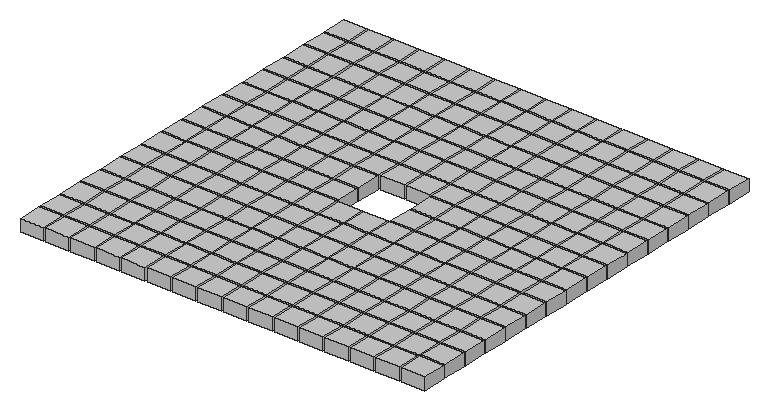
Revit family "Alcorque Ecológico", category Furniture, Revit 2020 (continued)
Automatic sketch dimensions
  Extrusion 741 sketch curve to plane 8865 = 0.120 m
  Extrusion 741 sketch curve to plane 8865 = 0.005 m
  Extrusion 741 sketch curve to Extrusion 741 sketch curve = 0.115 m
  plane 8883 to Extrusion 742 sketch curve = 0.005 m
  Extrusion 742 sketch curve to plane 8877 = 0.120 m
  Extrusion 742 sketch curve to plane 8877 = 0.005 m
  plane 8895 to Extrusion 743 sketch curve = 0.005 m
  Extrusion 743 sketch curve to plane 8889 = 0.120 m
  Extrusion 743 sketch curve to plane 8889 = 0.005 m
  plane 8907 to Extrusion 744 sketch curve = 0.005 m
  Extrusion 744 sketch curve to plane 8901 = 0.120 m
  Extrusion 744 sketch curve to plane 8901 = 0.005 m
  plane 8919 to Extrusion 745 sketch curve = 0.005 m
  Extrusion 745 sketch curve to plane 8913 = 0.120 m
  Extrusion 745 sketch curve to plane 8913 = 0.005 m
  plane 8931 to Extrusion 746 sketch curve = 0.005 m
  Extrusion 746 sketch curve to plane 8925 = 0.120 m
  Extrusion 746 sketch curve to plane 8925 = 0.005 m
  plane 8943 to Extrusion 747 sketch curve = 0.005 m
  Extrusion 747 sketch curve to plane 8937 = 0.120 m
  Extrusion 747 sketch curve to plane 8937 = 0.005 m
  plane 8955 to Extrusion 748 sketch curve = 0.005 m
  Extrusion 748 sketch curve to plane 8949 = 0.120 m
  Extrusion 748 sketch curve to plane 8949 = 0.005 m
  Extrusion 748 sketch curve to Extrusion 748 sketch curve = 0.115 m
  plane 8967 to Extrusion 749 sketch curve = 0.005 m
  Extrusion 749 sketch curve to plane 8961 = 0.120 m
  Extrusion 749 sketch curve to plane 8961 = 0.005 m
  Extrusion 749 sketch curve to Extrusion 749 sketch curve = 0.115 m
  plane 8979 to Extrusion 750 sketch curve = 0.005 m
  Extrusion 750 sketch curve to plane 8973 = 0.120 m
  Extrusion 750 sketch curve to plane 8973 = 0.005 m
  Extrusion 750 sketch curve to Extrusion 750 sketch curve = 0.115 m
  plane 8991 to Extrusion 751 sketch curve = 0.005 m
  Extrusion 751 sketch curve to plane 8985 = 0.120 m
  Extrusion 751 sketch curve to plane 8985 = 0.005 m
  Extrusion 751 sketch curve to Extrusion 751 sketch curve = 0.115 m
  plane 9003 to Extrusion 752 sketch curve = 0.005 m
  Extrusion 752 sketch curve to plane 8997 = 0.120 m
  Extrusion 752 sketch curve to plane 8997 = 0.005 m
  Extrusion 752 sketch curve to Extrusion 752 sketch curve = 0.115 m
  plane 9015 to Extrusion 753 sketch curve = 0.005 m
  Extrusion 753 sketch curve to plane 9009 = 0.120 m
  Extrusion 753 sketch curve to plane 9009 = 0.005 m
  Extrusion 753 sketch curve to Extrusion 753 sketch curve = 0.115 m
  plane 9027 to Extrusion 754 sketch curve = 0.005 m
  Extrusion 754 sketch curve to plane 9021 = 0.120 m
  Extrusion 754 sketch curve to plane 9021 = 0.005 m
  Extrusion 754 sketch curve to Extrusion 754 sketch curve = 0.115 m
  plane 9039 to Extrusion 755 sketch curve = 0.005 m
  Extrusion 755 sketch curve to plane 9033 = 0.120 m
  Extrusion 755 sketch curve to plane 9033 = 0.005 m
  Extrusion 755 sketch curve to Extrusion 755 sketch curve = 0.115 m
  plane 9051 to Extrusion 756 sketch curve = 0.005 m
  Extrusion 756 sketch curve to plane 9045 = 0.120 m
  Extrusion 756 sketch curve to plane 9045 = 0.005 m
  Extrusion 756 sketch curve to Extrusion 756 sketch curve = 0.115 m
  plane 9063 to Extrusion 757 sketch curve = 0.005 m
  Extrusion 757 sketch curve to plane 9057 = 0.120 m
  Extrusion 757 sketch curve to plane 9057 = 0.005 m
  Extrusion 757 sketch curve to Extrusion 757 sketch curve = 0.115 m
  plane 9075 to Extrusion 758 sketch curve = 0.005 m
  Extrusion 758 sketch curve to plane 9069 = 0.120 m
  Extrusion 758 sketch curve to plane 9069 = 0.005 m
  Extrusion 758 sketch curve to Extrusion 758 sketch curve = 0.115 m
  plane 9087 to Extrusion 759 sketch curve = 0.005 m
  Extrusion 759 sketch curve to plane 9081 = 0.120 m
  Extrusion 759 sketch curve to plane 9081 = 0.005 m
  Extrusion 759 sketch curve to Extrusion 759 sketch curve = 0.115 m
  plane 9099 to Extrusion 760 sketch curve = 0.005 m
  Extrusion 760 sketch curve to plane 9093 = 0.120 m
  Extrusion 760 sketch curve to plane 9093 = 0.005 m
  Extrusion 760 sketch curve to Extrusion 760 sketch curve = 0.115 m
  plane 9111 to Extrusion 761 sketch curve = 0.005 m
  Extrusion 761 sketch curve to plane 9105 = 0.120 m
  Extrusion 761 sketch curve to plane 9105 = 0.005 m
  Extrusion 761 sketch curve to Extrusion 761 sketch curve = 0.115 m
  plane 9123 to Extrusion 762 sketch curve = 0.005 m
  Extrusion 762 sketch curve to plane 9117 = 0.120 m
  Extrusion 762 sketch curve to plane 9117 = 0.005 m
  Extrusion 762 sketch curve to Extrusion 762 sketch curve = 0.115 m
  plane 9135 to Extrusion 763 sketch curve = 0.005 m
  Extrusion 763 sketch curve to plane 9129 = 0.120 m
  Extrusion 763 sketch curve to plane 9129 = 0.005 m
  Extrusion 763 sketch curve to Extrusion 763 sketch curve = 0.115 m
  plane 9147 to Extrusion 764 sketch curve = 0.005 m
  Extrusion 764 sketch curve to plane 9141 = 0.120 m
  Extrusion 764 sketch curve to plane 9141 = 0.005 m
  Extrusion 764 sketch curve to Extrusion 764 sketch curve = 0.115 m
  plane 9159 to Extrusion 765 sketch curve = 0.005 m
  Extrusion 765 sketch curve to plane 9153 = 0.120 m
  Extrusion 765 sketch curve to plane 9153 = 0.005 m
  Extrusion 765 sketch curve to Extrusion 765 sketch curve = 0.115 m
  plane 9171 to Extrusion 766 sketch curve = 0.005 m
  Extrusion 766 sketch curve to plane 9165 = 0.120 m
  Extrusion 766 sketch curve to plane 9165 = 0.005 m
  Extrusion 766 sketch curve to Extrusion 766 sketch curve = 0.115 m
  plane 9183 to Extrusion 767 sketch curve = 0.005 m
  Extrusion 767 sketch curve to plane 9177 = 0.120 m
  Extrusion 767 sketch curve to plane 9177 = 0.005 m
  Extrusion 767 sketch curve to Extrusion 767 sketch curve = 0.115 m
  plane 9195 to Extrusion 768 sketch curve = 0.005 m
  Extrusion 768 sketch curve to plane 9189 = 0.120 m
  Extrusion 768 sketch curve to plane 9189 = 0.005 m
  Extrusion 768 sketch curve to Extrusion 768 sketch curve = 0.115 m
  plane 9207 to Extrusion 769 sketch curve = 0.005 m
  Extrusion 769 sketch curve to plane 9201 = 0.120 m
  Extrusion 769 sketch curve to plane 9201 = 0.005 m
  Extrusion 769 sketch curve to Extrusion 769 sketch curve = 0.115 m
  plane 9219 to Extrusion 770 sketch curve = 0.005 m
  Extrusion 770 sketch curve to plane 9213 = 0.120 m
  Extrusion 770 sketch curve to plane 9213 = 0.005 m
  Extrusion 770 sketch curve to Extrusion 770 sketch curve = 0.115 m
  plane 9231 to Extrusion 771 sketch curve = 0.005 m
  Extrusion 771 sketch curve to plane 9225 = 0.120 m
  Extrusion 771 sketch curve to plane 9225 = 0.005 m
  Extrusion 771 sketch curve to Extrusion 771 sketch curve = 0.115 m
  plane 9243 to Extrusion 772 sketch curve = 0.005 m
  Extrusion 772 sketch curve to plane 9237 = 0.120 m
  Extrusion 772 sketch curve to plane 9237 = 0.005 m
  plane 9255 to Extrusion 773 sketch curve = 0.005 m
  Extrusion 773 sketch curve to plane 9249 = 0.120 m
  Extrusion 773 sketch curve to plane 9249 = 0.005 m
  plane 9267 to Extrusion 774 sketch curve = 0.005 m
  Extrusion 774 sketch curve to plane 9261 = 0.120 m
  Extrusion 774 sketch curve to plane 9261 = 0.005 m
  plane 9279 to Extrusion 775 sketch curve = 0.005 m
  Extrusion 775 sketch curve to plane 9273 = 0.120 m
  Extrusion 775 sketch curve to plane 9273 = 0.005 m
  Extrusion 775 sketch curve to Extrusion 775 sketch curve = 0.115 m
  plane 9291 to Extrusion 776 sketch curve = 0.005 m
  Extrusion 776 sketch curve to plane 9285 = 0.120 m
  Extrusion 776 sketch curve to plane 9285 = 0.005 m
  Extrusion 776 sketch curve to Extrusion 776 sketch curve = 0.115 m
  plane 9303 to Extrusion 777 sketch curve = 0.005 m
  Extrusion 777 sketch curve to plane 9297 = 0.120 m
  Extrusion 777 sketch curve to plane 9297 = 0.005 m
  Extrusion 777 sketch curve to Extrusion 777 sketch curve = 0.115 m
  plane 9315 to Extrusion 778 sketch curve = 0.005 m
  Extrusion 778 sketch curve to plane 9309 = 0.120 m
  Extrusion 778 sketch curve to plane 9309 = 0.005 m
  Extrusion 778 sketch curve to Extrusion 778 sketch curve = 0.115 m
  plane 9327 to Extrusion 779 sketch curve = 0.005 m
  Extrusion 779 sketch curve to plane 9321 = 0.120 m
  Extrusion 779 sketch curve to plane 9321 = 0.005 m
  Extrusion 779 sketch curve to Extrusion 779 sketch curve = 0.115 m
  plane 9339 to Extrusion 780 sketch curve = 0.005 m
  Extrusion 780 sketch curve to plane 9333 = 0.120 m
  Extrusion 780 sketch curve to plane 9333 = 0.005 m
  Extrusion 780 sketch curve to Extrusion 780 sketch curve = 0.115 m
  plane 9351 to Extrusion 781 sketch curve = 0.005 m
  Extrusion 781 sketch curve to plane 9345 = 0.120 m
  Extrusion 781 sketch curve to plane 9345 = 0.005 m
  Extrusion 781 sketch curve to Extrusion 781 sketch curve = 0.115 m
  plane 9363 to Extrusion 782 sketch curve = 0.005 m
  Extrusion 782 sketch curve to plane 9357 = 0.120 m
  Extrusion 782 sketch curve to plane 9357 = 0.005 m
  Extrusion 782 sketch curve to Extrusion 782 sketch curve = 0.115 m
  plane 9375 to Extrusion 783 sketch curve = 0.005 m
  Extrusion 783 sketch curve to plane 9369 = 0.120 m
  Extrusion 783 sketch curve to plane 9369 = 0.005 m
  Extrusion 783 sketch curve to Extrusion 783 sketch curve = 0.115 m
  plane 9387 to Extrusion 784 sketch curve = 0.005 m
  Extrusion 784 sketch curve to plane 9381 = 0.120 m
  Extrusion 784 sketch curve to plane 9381 = 0.005 m
  Extrusion 784 sketch curve to Extrusion 784 sketch curve = 0.115 m
  plane 9399 to Extrusion 785 sketch curve = 0.005 m
  Extrusion 785 sketch curve to plane 9393 = 0.120 m
  Extrusion 785 sketch curve to plane 9393 = 0.005 m
  Extrusion 785 sketch curve to Extrusion 785 sketch curve = 0.115 m
  plane 9411 to Extrusion 786 sketch curve = 0.005 m
  Extrusion 786 sketch curve to plane 9405 = 0.120 m
  Extrusion 786 sketch curve to plane 9405 = 0.005 m
  Extrusion 786 sketch curve to Extrusion 786 sketch curve = 0.115 m
  plane 9423 to Extrusion 787 sketch curve = 0.005 m
  Extrusion 787 sketch curve to plane 9417 = 0.120 m
  Extrusion 787 sketch curve to plane 9417 = 0.005 m
  plane 9435 to Extrusion 788 sketch curve = 0.005 m
  Extrusion 788 sketch curve to plane 9429 = 0.120 m
  Extrusion 788 sketch curve to plane 9429 = 0.005 m
  plane 9447 to Extrusion 789 sketch curve = 0.005 m
  Extrusion 789 sketch curve to plane 9441 = 0.120 m
  Extrusion 789 sketch curve to plane 9441 = 0.005 m
  plane 9459 to Extrusion 790 sketch curve = 0.005 m
  Extrusion 790 sketch curve to plane 9453 = 0.120 m
  Extrusion 790 sketch curve to plane 9453 = 0.005 m
  plane 9471 to Extrusion 791 sketch curve = 0.005 m
  Extrusion 791 sketch curve to plane 9465 = 0.120 m
  Extrusion 791 sketch curve to plane 9465 = 0.005 m
  plane 9483 to Extrusion 792 sketch curve = 0.005 m
  Extrusion 792 sketch curve to plane 9477 = 0.120 m
  Extrusion 792 sketch curve to plane 9477 = 0.005 m
  plane 9495 to Extrusion 793 sketch curve = 0.005 m
  Extrusion 793 sketch curve to plane 9489 = 0.120 m
  Extrusion 793 sketch curve to plane 9489 = 0.005 m
  Extrusion 793 sketch curve to Extrusion 793 sketch curve = 0.115 m
  plane 9507 to Extrusion 794 sketch curve = 0.005 m
  Extrusion 794 sketch curve to plane 9501 = 0.120 m
  Extrusion 794 sketch curve to plane 9501 = 0.005 m
  Extrusion 794 sketch curve to Extrusion 794 sketch curve = 0.115 m
  plane 9519 to Extrusion 795 sketch curve = 0.005 m
  Extrusion 795 sketch curve to plane 9513 = 0.120 m
  Extrusion 795 sketch curve to plane 9513 = 0.005 m
  Extrusion 795 sketch curve to Extrusion 795 sketch curve = 0.115 m
  plane 9531 to Extrusion 796 sketch curve = 0.005 m
  Extrusion 796 sketch curve to plane 9525 = 0.120 m
  Extrusion 796 sketch curve to plane 9525 = 0.005 m
  Extrusion 796 sketch curve to Extrusion 796 sketch curve = 0.115 m
  plane 9543 to Extrusion 797 sketch curve = 0.005 m
  Extrusion 797 sketch curve to plane 9537 = 0.120 m
  Extrusion 797 sketch curve to plane 9537 = 0.005 m
  Extrusion 797 sketch curve to Extrusion 797 sketch curve = 0.115 m
  plane 9555 to Extrusion 798 sketch curve = 0.005 m
  Extrusion 798 sketch curve to plane 9549 = 0.120 m
  Extrusion 798 sketch curve to plane 9549 = 0.005 m
  Extrusion 798 sketch curve to Extrusion 798 sketch curve = 0.115 m
  plane 9567 to Extrusion 799 sketch curve = 0.005 m
  Extrusion 799 sketch curve to plane 9561 = 0.120 m
  Extrusion 799 sketch curve to plane 9561 = 0.005 m
  Extrusion 799 sketch curve to Extrusion 799 sketch curve = 0.115 m
  plane 9579 to Extrusion 800 sketch curve = 0.005 m
  Extrusion 800 sketch curve to plane 9573 = 0.120 m
  Extrusion 800 sketch curve to plane 9573 = 0.005 m
  Extrusion 800 sketch curve to Extrusion 800 sketch curve = 0.115 m
  Extrusion 801 sketch curve to plane 9585 = 0.120 m
  Extrusion 801 sketch curve to plane 9585 = 0.005 m
  Extrusion 801 sketch curve to Extrusion 801 sketch curve = 0.115 m
  Extrusion 802 sketch curve to plane 9597 = 0.120 m
  Extrusion 802 sketch curve to plane 9597 = 0.005 m
  Extrusion 802 sketch curve to Extrusion 802 sketch curve = 0.115 m
  Extrusion 803 sketch curve to plane 9609 = 0.120 m
  Extrusion 803 sketch curve to plane 9609 = 0.005 m
  Extrusion 803 sketch curve to Extrusion 803 sketch curve = 0.115 m
  plane 9627 to Extrusion 804 sketch curve = 0.005 m
  Extrusion 804 sketch curve to plane 9621 = 0.120 m
  Extrusion 804 sketch curve to plane 9621 = 0.005 m
  plane 9639 to Extrusion 805 sketch curve = 0.005 m
  Extrusion 805 sketch curve to plane 9633 = 0.120 m
  Extrusion 805 sketch curve to plane 9633 = 0.005 m
  plane 9651 to Extrusion 806 sketch curve = 0.005 m
  Extrusion 806 sketch curve to plane 9645 = 0.120 m
  Extrusion 806 sketch curve to plane 9645 = 0.005 m
  plane 9663 to Extrusion 807 sketch curve = 0.005 m
  Extrusion 807 sketch curve to plane 9657 = 0.120 m
  Extrusion 807 sketch curve to plane 9657 = 0.005 m
  Extrusion 807 sketch curve to Extrusion 807 sketch curve = 0.115 m
  plane 9675 to Extrusion 808 sketch curve = 0.005 m
  Extrusion 808 sketch curve to plane 9669 = 0.120 m
  Extrusion 808 sketch curve to plane 9669 = 0.005 m
  Extrusion 808 sketch curve to Extrusion 808 sketch curve = 0.115 m
  plane 9687 to Extrusion 809 sketch curve = 0.005 m
  Extrusion 809 sketch curve to plane 9681 = 0.120 m
  Extrusion 809 sketch curve to plane 9681 = 0.005 m
  Extrusion 809 sketch curve to Extrusion 809 sketch curve = 0.115 m
  plane 9699 to Extrusion 810 sketch curve = 0.005 m
  Extrusion 810 sketch curve to plane 9693 = 0.120 m
  Extrusion 810 sketch curve to plane 9693 = 0.005 m
  Extrusion 810 sketch curve to Extrusion 810 sketch curve = 0.115 m
  plane 9711 to Extrusion 811 sketch curve = 0.005 m
  Extrusion 811 sketch curve to plane 9705 = 0.120 m
  Extrusion 811 sketch curve to plane 9705 = 0.005 m
  Extrusion 811 sketch curve to Extrusion 811 sketch curve = 0.115 m
  plane 9723 to Extrusion 812 sketch curve = 0.005 m
  Extrusion 812 sketch curve to plane 9717 = 0.120 m
  Extrusion 812 sketch curve to plane 9717 = 0.005 m
  Extrusion 812 sketch curve to Extrusion 812 sketch curve = 0.115 m
  plane 9735 to Extrusion 813 sketch curve = 0.005 m
  Extrusion 813 sketch curve to plane 9729 = 0.120 m
  Extrusion 813 sketch curve to plane 9729 = 0.005 m
  Extrusion 813 sketch curve to Extrusion 813 sketch curve = 0.115 m
  plane 9747 to Extrusion 814 sketch curve = 0.005 m
  Extrusion 814 sketch curve to plane 9741 = 0.120 m
  Extrusion 814 sketch curve to plane 9741 = 0.005 m
  Extrusion 814 sketch curve to Extrusion 814 sketch curve = 0.115 m
  Extrusion 815 sketch curve to plane 9753 = 0.120 m
  Extrusion 815 sketch curve to plane 9753 = 0.005 m
  Extrusion 815 sketch curve to Extrusion 815 sketch curve = 0.115 m
  Extrusion 816 sketch curve to plane 9765 = 0.120 m
  Extrusion 816 sketch curve to plane 9765 = 0.005 m
  Extrusion 816 sketch curve to Extrusion 816 sketch curve = 0.115 m
  Extrusion 817 sketch curve to plane 9777 = 0.120 m
  Extrusion 817 sketch curve to plane 9777 = 0.005 m
  Extrusion 817 sketch curve to Extrusion 817 sketch curve = 0.115 m
  Extrusion 818 sketch curve to plane 9789 = 0.120 m
  Extrusion 818 sketch curve to plane 9789 = 0.005 m
  Extrusion 818 sketch curve to Extrusion 818 sketch curve = 0.115 m
  Extrusion 819 sketch curve to plane 9801 = 0.120 m
  Extrusion 819 sketch curve to plane 9801 = 0.005 m
  Extrusion 819 sketch curve to Extrusion 819 sketch curve = 0.115 m
  plane 9819 to Extrusion 820 sketch curve = 0.005 m
  Extrusion 820 sketch curve to plane 9813 = 0.120 m
  Extrusion 820 sketch curve to plane 9813 = 0.005 m
  plane 9831 to Extrusion 821 sketch curve = 0.005 m
  Extrusion 821 sketch curve to plane 9825 = 0.120 m
  Extrusion 821 sketch curve to plane 9825 = 0.005 m
  plane 9843 to Extrusion 822 sketch curve = 0.005 m
  Extrusion 822 sketch curve to plane 9837 = 0.120 m
  Extrusion 822 sketch curve to plane 9837 = 0.005 m
  plane 9855 to Extrusion 823 sketch curve = 0.005 m
  Extrusion 823 sketch curve to plane 9849 = 0.120 m
  Extrusion 823 sketch curve to plane 9849 = 0.005 m
  plane 9867 to Extrusion 824 sketch curve = 0.005 m
  Extrusion 824 sketch curve to plane 9861 = 0.120 m
  Extrusion 824 sketch curve to plane 9861 = 0.005 m
  Extrusion 824 sketch curve to Extrusion 824 sketch curve = 0.115 m
  plane 9879 to Extrusion 825 sketch curve = 0.005 m
  Extrusion 825 sketch curve to plane 9873 = 0.120 m
  Extrusion 825 sketch curve to plane 9873 = 0.005 m
  Extrusion 825 sketch curve to Extrusion 825 sketch curve = 0.115 m
  plane 9891 to Extrusion 826 sketch curve = 0.005 m
  Extrusion 826 sketch curve to plane 9885 = 0.120 m
  Extrusion 826 sketch curve to plane 9885 = 0.005 m
  Extrusion 826 sketch curve to Extrusion 826 sketch curve = 0.115 m
  plane 9903 to Extrusion 827 sketch curve = 0.005 m
  Extrusion 827 sketch curve to plane 9897 = 0.120 m
  Extrusion 827 sketch curve to plane 9897 = 0.005 m
  Extrusion 827 sketch curve to Extrusion 827 sketch curve = 0.115 m
  plane 9915 to Extrusion 828 sketch curve = 0.005 m
  Extrusion 828 sketch curve to plane 9909 = 0.120 m
  Extrusion 828 sketch curve to plane 9909 = 0.005 m
  Extrusion 828 sketch curve to Extrusion 828 sketch curve = 0.115 m
  plane 9927 to Extrusion 829 sketch curve = 0.005 m
  Extrusion 829 sketch curve to plane 9921 = 0.120 m
  Extrusion 829 sketch curve to plane 9921 = 0.005 m
  Extrusion 829 sketch curve to Extrusion 829 sketch curve = 0.115 m
  plane 9939 to Extrusion 830 sketch curve = 0.005 m
  Extrusion 830 sketch curve to plane 9933 = 0.120 m
  Extrusion 830 sketch curve to plane 9933 = 0.005 m
  Extrusion 830 sketch curve to Extrusion 830 sketch curve = 0.115 m
  plane 9951 to Extrusion 831 sketch curve = 0.005 m
  Extrusion 831 sketch curve to plane 9945 = 0.120 m
  Extrusion 831 sketch curve to plane 9945 = 0.005 m
  Extrusion 831 sketch curve to Extrusion 831 sketch curve = 0.115 m
  plane 9963 to Extrusion 832 sketch curve = 0.005 m
  Extrusion 832 sketch curve to plane 9957 = 0.120 m
  Extrusion 832 sketch curve to plane 9957 = 0.005 m
  Extrusion 832 sketch curve to Extrusion 832 sketch curve = 0.115 m
  plane 9975 to Extrusion 833 sketch curve = 0.005 m
  Extrusion 833 sketch curve to plane 9969 = 0.120 m
  Extrusion 833 sketch curve to plane 9969 = 0.005 m
  Extrusion 833 sketch curve to Extrusion 833 sketch curve = 0.115 m
  plane 9987 to Extrusion 834 sketch curve = 0.005 m
  Extrusion 834 sketch curve to plane 9981 = 0.120 m
  Extrusion 834 sketch curve to plane 9981 = 0.005 m
  Extrusion 834 sketch curve to Extrusion 834 sketch curve = 0.115 m
  plane 9999 to Extrusion 835 sketch curve = 0.005 m
  Extrusion 835 sketch curve to plane 9993 = 0.120 m
  Extrusion 835 sketch curve to plane 9993 = 0.005 m
  Extrusion 835 sketch curve to Extrusion 835 sketch curve = 0.115 m
  plane 10011 to Extrusion 836 sketch curve = 0.005 m
  Extrusion 836 sketch curve to plane 10005 = 0.120 m
  Extrusion 836 sketch curve to plane 10005 = 0.005 m
  plane 10023 to Extrusion 837 sketch curve = 0.005 m
  Extrusion 837 sketch curve to plane 10017 = 0.120 m
  Extrusion 837 sketch curve to plane 10017 = 0.005 m
  Extrusion 837 sketch curve to Extrusion 837 sketch curve = 0.115 m
  plane 10035 to Extrusion 838 sketch curve = 0.005 m
  Extrusion 838 sketch curve to plane 10029 = 0.120 m
  Extrusion 838 sketch curve to plane 10029 = 0.005 m
  Extrusion 838 sketch curve to Extrusion 838 sketch curve = 0.115 m
  plane 10047 to Extrusion 839 sketch curve = 0.005 m
  Extrusion 839 sketch curve to plane 10041 = 0.120 m
  Extrusion 839 sketch curve to plane 10041 = 0.005 m
  Extrusion 839 sketch curve to Extrusion 839 sketch curve = 0.115 m
  plane 10059 to Extrusion 840 sketch curve = 0.005 m
  Extrusion 840 sketch curve to plane 10053 = 0.120 m
  Extrusion 840 sketch curve to plane 10053 = 0.005 m
  Extrusion 840 sketch curve to Extrusion 840 sketch curve = 0.115 m
  plane 10071 to Extrusion 841 sketch curve = 0.005 m
  Extrusion 841 sketch curve to plane 10065 = 0.120 m
  Extrusion 841 sketch curve to plane 10065 = 0.005 m
  Extrusion 841 sketch curve to Extrusion 841 sketch curve = 0.115 m
  plane 10083 to Extrusion 842 sketch curve = 0.005 m
  Extrusion 842 sketch curve to plane 10077 = 0.120 m
  Extrusion 842 sketch curve to plane 10077 = 0.005 m
  Extrusion 842 sketch curve to Extrusion 842 sketch curve = 0.115 m
  plane 10095 to Extrusion 843 sketch curve = 0.005 m
  Extrusion 843 sketch curve to plane 10089 = 0.120 m
  Extrusion 843 sketch curve to plane 10089 = 0.005 m
  Extrusion 843 sketch curve to Extrusion 843 sketch curve = 0.115 m
  plane 10107 to Extrusion 844 sketch curve = 0.005 m
  Extrusion 844 sketch curve to plane 10101 = 0.120 m
  Extrusion 844 sketch curve to plane 10101 = 0.005 m
  Extrusion 844 sketch curve to Extrusion 844 sketch curve = 0.115 m
  plane 10119 to Extrusion 845 sketch curve = 0.005 m
  Extrusion 845 sketch curve to plane 10113 = 0.120 m
  Extrusion 845 sketch curve to plane 10113 = 0.005 m
  Extrusion 845 sketch curve to Extrusion 845 sketch curve = 0.115 m
  plane 10131 to Extrusion 846 sketch curve = 0.005 m
  Extrusion 846 sketch curve to plane 10125 = 0.120 m
  Extrusion 846 sketch curve to plane 10125 = 0.005 m
  Extrusion 846 sketch curve to Extrusion 846 sketch curve = 0.115 m
  plane 10143 to Extrusion 847 sketch curve = 0.005 m
  Extrusion 847 sketch curve to plane 10137 = 0.120 m
  Extrusion 847 sketch curve to plane 10137 = 0.005 m
  Extrusion 847 sketch curve to Extrusion 847 sketch curve = 0.115 m
  plane 10155 to Extrusion 848 sketch curve = 0.005 m
  Extrusion 848 sketch curve to plane 10149 = 0.120 m
  Extrusion 848 sketch curve to plane 10149 = 0.005 m
  Extrusion 848 sketch curve to Extrusion 848 sketch curve = 0.115 m
  plane 10167 to Extrusion 849 sketch curve = 0.005 m
  Extrusion 849 sketch curve to plane 10161 = 0.120 m
  Extrusion 849 sketch curve to plane 10161 = 0.005 m
  Extrusion 849 sketch curve to Extrusion 849 sketch curve = 0.115 m
  plane 10179 to Extrusion 850 sketch curve = 0.005 m
  Extrusion 850 sketch curve to plane 10173 = 0.120 m
  Extrusion 850 sketch curve to plane 10173 = 0.005 m
  Extrusion 850 sketch curve to Extrusion 850 sketch curve = 0.115 m
  plane 10191 to Extrusion 851 sketch curve = 0.005 m
  Extrusion 851 sketch curve to plane 10185 = 0.120 m
  Extrusion 851 sketch curve to plane 10185 = 0.005 m
  Extrusion 851 sketch curve to Extrusion 851 sketch curve = 0.115 m
  plane 10203 to Extrusion 852 sketch curve = 0.005 m
  Extrusion 852 sketch curve to plane 10197 = 0.120 m
  Extrusion 852 sketch curve to plane 10197 = 0.005 m
  Extrusion 852 sketch curve to Extrusion 852 sketch curve = 0.115 m
  plane 10215 to Extrusion 853 sketch curve = 0.005 m
  Extrusion 853 sketch curve to plane 10209 = 0.120 m
  Extrusion 853 sketch curve to plane 10209 = 0.005 m
  Extrusion 853 sketch curve to Extrusion 853 sketch curve = 0.115 m
  plane 10227 to Extrusion 854 sketch curve = 0.005 m
  Extrusion 854 sketch curve to plane 10221 = 0.120 m
  Extrusion 854 sketch curve to plane 10221 = 0.005 m
  Extrusion 854 sketch curve to Extrusion 854 sketch curve = 0.115 m
  plane 10239 to Extrusion 855 sketch curve = 0.005 m
  Extrusion 855 sketch curve to plane 10233 = 0.120 m
  Extrusion 855 sketch curve to plane 10233 = 0.005 m
  Extrusion 855 sketch curve to Extrusion 855 sketch curve = 0.115 m
  plane 10251 to Extrusion 856 sketch curve = 0.005 m
  Extrusion 856 sketch curve to plane 10245 = 0.120 m
  Extrusion 856 sketch curve to plane 10245 = 0.005 m
  Extrusion 856 sketch curve to Extrusion 856 sketch curve = 0.115 m
  plane 10263 to Extrusion 857 sketch curve = 0.005 m
  Extrusion 857 sketch curve to plane 10257 = 0.120 m
  Extrusion 857 sketch curve to plane 10257 = 0.005 m
  Extrusion 857 sketch curve to Extrusion 857 sketch curve = 0.115 m
  plane 10275 to Extrusion 858 sketch curve = 0.005 m
  Extrusion 858 sketch curve to plane 10269 = 0.120 m
  Extrusion 858 sketch curve to plane 10269 = 0.005 m
  Extrusion 858 sketch curve to Extrusion 858 sketch curve = 0.115 m
  plane 10287 to Extrusion 859 sketch curve = 0.005 m
  Extrusion 859 sketch curve to plane 10281 = 0.120 m
  Extrusion 859 sketch curve to plane 10281 = 0.005 m
  Extrusion 859 sketch curve to Extrusion 859 sketch curve = 0.115 m
  plane 10299 to Extrusion 860 sketch curve = 0.005 m
  Extrusion 860 sketch curve to plane 10293 = 0.120 m
  Extrusion 860 sketch curve to plane 10293 = 0.005 m
  Extrusion 860 sketch curve to Extrusion 860 sketch curve = 0.115 m
  plane 10311 to Extrusion 861 sketch curve = 0.005 m
  Extrusion 861 sketch curve to plane 10305 = 0.120 m
  Extrusion 861 sketch curve to plane 10305 = 0.005 m
  Extrusion 861 sketch curve to Extrusion 861 sketch curve = 0.115 m
  plane 10323 to Extrusion 862 sketch curve = 0.005 m
  Extrusion 862 sketch curve to plane 10317 = 0.120 m
  Extrusion 862 sketch curve to plane 10317 = 0.005 m
  Extrusion 862 sketch curve to Extrusion 862 sketch curve = 0.115 m
  plane 10335 to Extrusion 863 sketch curve = 0.005 m
  Extrusion 863 sketch curve to plane 10329 = 0.120 m
  Extrusion 863 sketch curve to plane 10329 = 0.005 m
  Extrusion 863 sketch curve to Extrusion 863 sketch curve = 0.115 m
  plane 10347 to Extrusion 864 sketch curve = 0.005 m
  Extrusion 864 sketch curve to plane 10341 = 0.120 m
  Extrusion 864 sketch curve to plane 10341 = 0.005 m
  Extrusion 864 sketch curve to Extrusion 864 sketch curve = 0.115 m
  plane 10359 to Extrusion 865 sketch curve = 0.005 m
  Extrusion 865 sketch curve to plane 10353 = 0.120 m
  Extrusion 865 sketch curve to plane 10353 = 0.005 m
  Extrusion 865 sketch curve to Extrusion 865 sketch curve = 0.115 m
  plane 10371 to Extrusion 866 sketch curve = 0.005 m
  Extrusion 866 sketch curve to plane 10365 = 0.120 m
  Extrusion 866 sketch curve to plane 10365 = 0.005 m
  Extrusion 866 sketch curve to Extrusion 866 sketch curve = 0.115 m
  plane 10383 to Extrusion 867 sketch curve = 0.005 m
  Extrusion 867 sketch curve to plane 10377 = 0.120 m
  Extrusion 867 sketch curve to plane 10377 = 0.005 m
  Extrusion 867 sketch curve to Extrusion 867 sketch curve = 0.115 m
  plane 10395 to Extrusion 868 sketch curve = 0.005 m
  Extrusion 868 sketch curve to plane 10389 = 0.120 m
  Extrusion 868 sketch curve to plane 10389 = 0.005 m
  Extrusion 868 sketch curve to Extrusion 868 sketch curve = 0.115 m
  plane 10407 to Extrusion 869 sketch curve = 0.005 m
  Extrusion 869 sketch curve to plane 10401 = 0.120 m
  Extrusion 869 sketch curve to plane 10401 = 0.005 m
  Extrusion 869 sketch curve to Extrusion 869 sketch curve = 0.115 m
  plane 10419 to Extrusion 870 sketch curve = 0.005 m
  Extrusion 870 sketch curve to plane 10413 = 0.120 m
  Extrusion 870 sketch curve to plane 10413 = 0.005 m
  Extrusion 870 sketch curve to Extrusion 870 sketch curve = 0.115 m
  plane 10431 to Extrusion 871 sketch curve = 0.005 m
  Extrusion 871 sketch curve to plane 10425 = 0.120 m
  Extrusion 871 sketch curve to plane 10425 = 0.005 m
  Extrusion 871 sketch curve to Extrusion 871 sketch curve = 0.115 m
  plane 10443 to Extrusion 872 sketch curve = 0.005 m
  Extrusion 872 sketch curve to plane 10437 = 0.120 m
  Extrusion 872 sketch curve to plane 10437 = 0.005 m
  Extrusion 872 sketch curve to Extrusion 872 sketch curve = 0.115 m
  plane 10455 to Extrusion 873 sketch curve = 0.005 m
  Extrusion 873 sketch curve to plane 10449 = 0.120 m
  Extrusion 873 sketch curve to plane 10449 = 0.005 m
  Extrusion 873 sketch curve to Extrusion 873 sketch curve = 0.115 m
  plane 10467 to Extrusion 874 sketch curve = 0.005 m
  Extrusion 874 sketch curve to plane 10461 = 0.120 m
  Extrusion 874 sketch curve to plane 10461 = 0.005 m
  Extrusion 874 sketch curve to Extrusion 874 sketch curve = 0.115 m
  plane 10479 to Extrusion 875 sketch curve = 0.005 m
  Extrusion 875 sketch curve to plane 10473 = 0.120 m
  Extrusion 875 sketch curve to plane 10473 = 0.005 m
  Extrusion 875 sketch curve to Extrusion 875 sketch curve = 0.115 m
  plane 10491 to Extrusion 876 sketch curve = 0.005 m
  Extrusion 876 sketch curve to plane 10485 = 0.120 m
  Extrusion 876 sketch curve to plane 10485 = 0.005 m
  Extrusion 876 sketch curve to Extrusion 876 sketch curve = 0.115 m
  plane 10503 to Extrusion 877 sketch curve = 0.005 m
  Extrusion 877 sketch curve to plane 10497 = 0.120 m
  Extrusion 877 sketch curve to plane 10497 = 0.005 m
  Extrusion 877 sketch curve to Extrusion 877 sketch curve = 0.115 m
  plane 10515 to Extrusion 878 sketch curve = 0.005 m
  Extrusion 878 sketch curve to plane 10509 = 0.120 m
  Extrusion 878 sketch curve to plane 10509 = 0.005 m
  Extrusion 878 sketch curve to Extrusion 878 sketch curve = 0.115 m
  plane 10527 to Extrusion 879 sketch curve = 0.005 m
  Extrusion 879 sketch curve to plane 10521 = 0.120 m
  Extrusion 879 sketch curve to plane 10521 = 0.005 m
  Extrusion 879 sketch curve to Extrusion 879 sketch curve = 0.115 m
  plane 10539 to Extrusion 880 sketch curve = 0.005 m
  Extrusion 880 sketch curve to plane 10533 = 0.120 m
  Extrusion 880 sketch curve to plane 10533 = 0.005 m
  Extrusion 880 sketch curve to Extrusion 880 sketch curve = 0.115 m
  plane 10551 to Extrusion 881 sketch curve = 0.005 m
  Extrusion 881 sketch curve to plane 10545 = 0.120 m
  Extrusion 881 sketch curve to plane 10545 = 0.005 m
  Extrusion 881 sketch curve to Extrusion 881 sketch curve = 0.115 m
  plane 10563 to Extrusion 882 sketch curve = 0.005 m
  Extrusion 882 sketch curve to plane 10557 = 0.120 m
  Extrusion 882 sketch curve to plane 10557 = 0.005 m
  Extrusion 882 sketch curve to Extrusion 882 sketch curve = 0.115 m
  plane 10575 to Extrusion 883 sketch curve = 0.005 m
  Extrusion 883 sketch curve to plane 10569 = 0.120 m
  Extrusion 883 sketch curve to plane 10569 = 0.005 m
  Extrusion 883 sketch curve to Extrusion 883 sketch curve = 0.115 m
  plane 10587 to Extrusion 884 sketch curve = 0.005 m
  Extrusion 884 sketch curve to plane 10581 = 0.120 m
  Extrusion 884 sketch curve to plane 10581 = 0.005 m
  Extrusion 884 sketch curve to Extrusion 884 sketch curve = 0.115 m
  plane 10599 to Extrusion 885 sketch curve = 0.005 m
  Extrusion 885 sketch curve to plane 10593 = 0.120 m
  Extrusion 885 sketch curve to plane 10593 = 0.005 m
  Extrusion 885 sketch curve to Extrusion 885 sketch curve = 0.115 m
  plane 10611 to Extrusion 886 sketch curve = 0.005 m
  Extrusion 886 sketch curve to plane 10605 = 0.120 m
  Extrusion 886 sketch curve to plane 10605 = 0.005 m
  Extrusion 886 sketch curve to Extrusion 886 sketch curve = 0.115 m
  plane 10623 to Extrusion 887 sketch curve = 0.005 m
  Extrusion 887 sketch curve to plane 10617 = 0.120 m
  Extrusion 887 sketch curve to plane 10617 = 0.005 m
  Extrusion 887 sketch curve to Extrusion 887 sketch curve = 0.115 m
  plane 10635 to Extrusion 888 sketch curve = 0.005 m
  Extrusion 888 sketch curve to plane 10629 = 0.120 m
  Extrusion 888 sketch curve to plane 10629 = 0.005 m
  Extrusion 888 sketch curve to Extrusion 888 sketch curve = 0.115 m
  plane 10647 to Extrusion 889 sketch curve = 0.005 m
  Extrusion 889 sketch curve to plane 10641 = 0.120 m
  Extrusion 889 sketch curve to plane 10641 = 0.005 m
  Extrusion 889 sketch curve to Extrusion 889 sketch curve = 0.115 m
  plane 10659 to Extrusion 890 sketch curve = 0.005 m
  Extrusion 890 sketch curve to plane 10653 = 0.120 m
  Extrusion 890 sketch curve to plane 10653 = 0.005 m
  Extrusion 890 sketch curve to Extrusion 890 sketch curve = 0.115 m
  plane 10671 to Extrusion 891 sketch curve = 0.005 m
  Extrusion 891 sketch curve to plane 10665 = 0.120 m
  Extrusion 891 sketch curve to plane 10665 = 0.005 m
  Extrusion 891 sketch curve to Extrusion 891 sketch curve = 0.115 m
  plane 10683 to Extrusion 892 sketch curve = 0.005 m
  Extrusion 892 sketch curve to plane 10677 = 0.120 m
  Extrusion 892 sketch curve to plane 10677 = 0.005 m
  Extrusion 892 sketch curve to Extrusion 892 sketch curve = 0.115 m
  plane 10695 to Extrusion 893 sketch curve = 0.005 m
  Extrusion 893 sketch curve to plane 10689 = 0.120 m
  Extrusion 893 sketch curve to plane 10689 = 0.005 m
  Extrusion 893 sketch curve to Extrusion 893 sketch curve = 0.115 m
  plane 10707 to Extrusion 894 sketch curve = 0.005 m
  Extrusion 894 sketch curve to plane 10701 = 0.120 m
  Extrusion 894 sketch curve to plane 10701 = 0.005 m
  Extrusion 894 sketch curve to Extrusion 894 sketch curve = 0.115 m
  plane 10719 to Extrusion 895 sketch curve = 0.005 m
  Extrusion 895 sketch curve to plane 10713 = 0.120 m
  Extrusion 895 sketch curve to plane 10713 = 0.005 m
  Extrusion 895 sketch curve to Extrusion 895 sketch curve = 0.115 m
  plane 10731 to Extrusion 896 sketch curve = 0.005 m
  Extrusion 896 sketch curve to plane 10725 = 0.120 m
  Extrusion 896 sketch curve to plane 10725 = 0.005 m
  Extrusion 896 sketch curve to Extrusion 896 sketch curve = 0.115 m
  plane 10743 to Extrusion 897 sketch curve = 0.005 m
  Extrusion 897 sketch curve to plane 10737 = 0.120 m
  Extrusion 897 sketch curve to plane 10737 = 0.005 m
  Extrusion 897 sketch curve to Extrusion 897 sketch curve = 0.115 m
  plane 10755 to Extrusion 898 sketch curve = 0.005 m
  Extrusion 898 sketch curve to plane 10749 = 0.120 m
  Extrusion 898 sketch curve to plane 10749 = 0.005 m
  Extrusion 898 sketch curve to Extrusion 898 sketch curve = 0.115 m
  plane 10767 to Extrusion 899 sketch curve = 0.005 m
  Extrusion 899 sketch curve to plane 10761 = 0.120 m
  Extrusion 899 sketch curve to plane 10761 = 0.005 m
  Extrusion 899 sketch curve to Extrusion 899 sketch curve = 0.115 m
  plane 10779 to Extrusion 900 sketch curve = 0.005 m
  Extrusion 900 sketch curve to plane 10773 = 0.120 m
  Extrusion 900 sketch curve to plane 10773 = 0.005 m
  Extrusion 900 sketch curve to Extrusion 900 sketch curve = 0.115 m
  plane 10791 to Extrusion 901 sketch curve = 0.005 m
  Extrusion 901 sketch curve to plane 10785 = 0.120 m
  Extrusion 901 sketch curve to plane 10785 = 0.005 m
  Extrusion 901 sketch curve to Extrusion 901 sketch curve = 0.115 m
  plane 10803 to Extrusion 902 sketch curve = 0.005 m
  Extrusion 902 sketch curve to plane 10797 = 0.120 m
  Extrusion 902 sketch curve to plane 10797 = 0.005 m
  Extrusion 902 sketch curve to Extrusion 902 sketch curve = 0.115 m
  plane 10815 to Extrusion 903 sketch curve = 0.005 m
  Extrusion 903 sketch curve to plane 10809 = 0.120 m
  Extrusion 903 sketch curve to plane 10809 = 0.005 m
  Extrusion 903 sketch curve to Extrusion 903 sketch curve = 0.115 m
  plane 10827 to Extrusion 904 sketch curve = 0.005 m
  Extrusion 904 sketch curve to plane 10821 = 0.120 m
  Extrusion 904 sketch curve to plane 10821 = 0.005 m
  Extrusion 904 sketch curve to Extrusion 904 sketch curve = 0.115 m
  Extrusion 653 sketch curve to Extrusion 653 sketch curve = 0.115 m
  Extrusion 654 sketch curve to Extrusion 654 sketch curve = 0.115 m
  Extrusion 655 sketch curve to Extrusion 655 sketch curve = 0.115 m
  Extrusion 656 sketch curve to Extrusion 656 sketch curve = 0.115 m
  Extrusion 657 sketch curve to Extrusion 657 sketch curve = 0.115 m
  Extrusion 658 sketch curve to Extrusion 658 sketch curve = 0.115 m
  Extrusion 659 sketch curve to Extrusion 659 sketch curve = 0.115 m
  Extrusion 660 sketch curve to Extrusion 660 sketch curve = 0.115 m
  plane 8103 to Extrusion 677 sketch curve = 0.005 m
  plane 8115 to Extrusion 678 sketch curve = 0.005 m
  plane 8127 to Extrusion 679 sketch curve = 0.005 m
  plane 8139 to Extrusion 680 sketch curve = 0.005 m
  plane 8151 to Extrusion 681 sketch curve = 0.005 m
  plane 8163 to Extrusion 682 sketch curve = 0.005 m
  Extrusion 683 sketch curve to Extrusion 683 sketch curve = 0.115 m
  Extrusion 684 sketch curve to Extrusion 684 sketch curve = 0.115 m
  Extrusion 685 sketch curve to Extrusion 685 sketch curve = 0.115 m
  Extrusion 686 sketch curve to Extrusion 686 sketch curve = 0.115 m
  Extrusion 687 sketch curve to Extrusion 687 sketch curve = 0.115 m
  Extrusion 688 sketch curve to Extrusion 688 sketch curve = 0.115 m
  plane 8391 to Extrusion 701 sketch curve = 0.005 m
  plane 8403 to Extrusion 702 sketch curve = 0.005 m
  plane 8415 to Extrusion 703 sketch curve = 0.005 m
  plane 8427 to Extrusion 704 sketch curve = 0.005 m
  plane 8439 to Extrusion 705 sketch curve = 0.005 m
  plane 8451 to Extrusion 706 sketch curve = 0.005 m
  plane 8463 to Extrusion 707 sketch curve = 0.005 m
  Extrusion 708 sketch curve to Extrusion 708 sketch curve = 0.115 m
  Extrusion 709 sketch curve to Extrusion 709 sketch curve = 0.115 m
  Extrusion 710 sketch curve to Extrusion 710 sketch curve = 0.115 m
  Extrusion 711 sketch curve to Extrusion 711 sketch curve = 0.115 m
  plane 8619 to Extrusion 720 sketch curve = 0.005 m
  plane 8631 to Extrusion 721 sketch curve = 0.005 m
  plane 8643 to Extrusion 722 sketch curve = 0.005 m
  Extrusion 723 sketch curve to Extrusion 723 sketch curve = 0.115 m
  Extrusion 724 sketch curve to Extrusion 724 sketch curve = 0.115 m
  Extrusion 725 sketch curve to Extrusion 725 sketch curve = 0.115 m
  plane 8787 to Extrusion 734 sketch curve = 0.005 m
  plane 8799 to Extrusion 735 sketch curve = 0.005 m
  plane 8811 to Extrusion 736 sketch curve = 0.005 m
  plane 8823 to Extrusion 737 sketch curve = 0.005 m
  plane 8835 to Extrusion 738 sketch curve = 0.005 m
  Extrusion 739 sketch curve to Extrusion 739 sketch curve = 0.115 m
  Extrusion 740 sketch curve to Extrusion 740 sketch curve = 0.115 m
  plane 8871 to Extrusion 741 sketch curve = 0.005 m
  Extrusion 742 sketch curve to Extrusion 742 sketch curve = 0.115 m
  Extrusion 743 sketch curve to Extrusion 743 sketch curve = 0.115 m
  Extrusion 744 sketch curve to Extrusion 744 sketch curve = 0.115 m
  Extrusion 745 sketch curve to Extrusion 745 sketch curve = 0.115 m
  Extrusion 746 sketch curve to Extrusion 746 sketch curve = 0.115 m
  Extrusion 747 sketch curve to Extrusion 747 sketch curve = 0.115 m
  Extrusion 772 sketch curve to Extrusion 772 sketch curve = 0.115 m
  Extrusion 773 sketch curve to Extrusion 773 sketch curve = 0.115 m
  Extrusion 774 sketch curve to Extrusion 774 sketch curve = 0.115 m
  Extrusion 787 sketch curve to Extrusion 787 sketch curve = 0.115 m
  Extrusion 788 sketch curve to Extrusion 788 sketch curve = 0.115 m
  Extrusion 789 sketch curve to Extrusion 789 sketch curve = 0.115 m
  Extrusion 790 sketch curve to Extrusion 790 sketch curve = 0.115 m
  Extrusion 791 sketch curve to Extrusion 791 sketch curve = 0.115 m
  Extrusion 792 sketch curve to Extrusion 792 sketch curve = 0.115 m
  plane 9591 to Extrusion 801 sketch curve = 0.005 m
  plane 9603 to Extrusion 802 sketch curve = 0.005 m
  plane 9615 to Extrusion 803 sketch curve = 0.005 m
  Extrusion 804 sketch curve to Extrusion 804 sketch curve = 0.115 m
  Extrusion 805 sketch curve to Extrusion 805 sketch curve = 0.115 m
  Extrusion 806 sketch curve to Extrusion 806 sketch curve = 0.115 m
  plane 9759 to Extrusion 815 sketch curve = 0.005 m
  plane 9771 to Extrusion 816 sketch curve = 0.005 m
  plane 9783 to Extrusion 817 sketch curve = 0.005 m
  plane 9795 to Extrusion 818 sketch curve = 0.005 m
  plane 9807 to Extrusion 819 sketch curve = 0.005 m
  Extrusion 820 sketch curve to Extrusion 820 sketch curve = 0.115 m
  Extrusion 821 sketch curve to Extrusion 821 sketch curve = 0.115 m
  Extrusion 822 sketch curve to Extrusion 822 sketch curve = 0.115 m
  Extrusion 823 sketch curve to Extrusion 823 sketch curve = 0.115 m
  Extrusion 836 sketch curve to Extrusion 836 sketch curve = 0.115 m
Types (3, lengths in m): name | Referencia | B | A52 | A51 | A50 | A
  Alcorque Ecológico-A50-1000mm | "A50" | 1.000 | no | no | yes | 1.000
  Alcorque Ecológico-A51-1500mm | "A51" | 1.500 | no | yes | no | 1.500
  Alcorque Ecológico-A52-2000mm | "A52" | 2.000 | yes | no | no | 2.000
